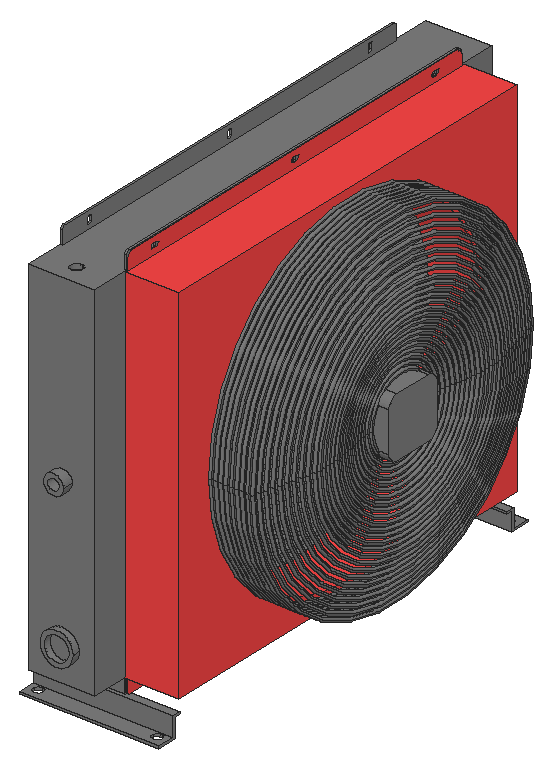
Revit family "MIT-A20Y-0102", category Specialty Equipment, Revit 2022
Family settings
  Round Connector Dimension = Use Radius
  Part Type = Normal
  Work Plane-Based = No
  Always vertical = Yes
  Cut with Voids When Loaded = No
  Maintain Annotation Orientation = No
  Shared = No
  Room Calculation Point = No
Parameters
  URL = "https://en.ekinendustriyel.com/fan-driven-oil-coolers"
  Model = "MIT-A20Y-0102"
  Manufacturer = "Ekin Endüstriyel"
  Keynote = "Fan Driven Oil Coolers"
  Description = "MIT- Fan Driven Oil Coolers"
  Default Elevation = 0 mm
Reference planes
  plane 1 "Center (Front/Back)": y = 0
  plane 2: z = 0
  plane 3 "Center (Left/Right)": x = 0
Forms (mm)
  Extrusion 1, solid, material "Ekin Endustriyel-S235JR", detail levels medium+fine
    sketch origin (-495, -0.99, 0) x (0, 1, 0) y (0, 0, 1)
      loop
        line (-374.011, 606.733) -> (-374.011, 56.733) -> (375.992, 56.733) -> (375.992, 606.733) -> (-374.011, 606.733)
      loop
        line (315.99, 600.233) -> (-314.01, 600.233) -> (-314.01, 590.233) -> (315.99, 590.233) -> (315.99, 600.233)
      loop
        line (315.99, 585.233) -> (-314.01, 585.233) -> (-314.01, 575.233) -> (315.99, 575.233) -> (315.99, 585.233)
      loop
        line (315.99, 570.233) -> (-314.01, 570.233) -> (-314.01, 560.233) -> (315.99, 560.233) -> (315.99, 570.233)
      loop
        line (315.99, 555.233) -> (-314.01, 555.233) -> (-314.01, 545.233) -> (315.99, 545.233) -> (315.99, 555.233)
      loop
        line (315.99, 540.233) -> (-314.01, 540.233) -> (-314.01, 530.233) -> (315.99, 530.233) -> (315.99, 540.233)
      loop
        line (315.99, 525.233) -> (-314.01, 525.233) -> (-314.01, 515.233) -> (315.99, 515.233) -> (315.99, 525.233)
      loop
        line (315.99, 510.233) -> (-314.01, 510.233) -> (-314.01, 500.233) -> (315.99, 500.233) -> (315.99, 510.233)
      loop
        line (315.99, 495.233) -> (-314.01, 495.233) -> (-314.01, 485.233) -> (315.99, 485.233) -> (315.99, 495.233)
      loop
        line (315.99, 480.233) -> (-314.01, 480.233) -> (-314.01, 470.233) -> (315.99, 470.233) -> (315.99, 480.233)
      loop
        line (315.99, 465.233) -> (-314.01, 465.233) -> (-314.01, 455.233) -> (315.99, 455.233) -> (315.99, 465.233)
      loop
        line (315.99, 450.233) -> (-314.01, 450.233) -> (-314.01, 440.233) -> (315.99, 440.233) -> (315.99, 450.233)
      loop
        line (315.99, 435.233) -> (-314.01, 435.233) -> (-314.01, 425.233) -> (315.99, 425.233) -> (315.99, 435.233)
      loop
        line (315.99, 420.233) -> (-314.01, 420.233) -> (-314.01, 410.233) -> (315.99, 410.233) -> (315.99, 420.233)
      loop
        line (315.99, 405.233) -> (-314.01, 405.233) -> (-314.01, 395.233) -> (315.99, 395.233) -> (315.99, 405.233)
      loop
        line (315.99, 390.233) -> (-314.01, 390.233) -> (-314.01, 380.233) -> (315.99, 380.233) -> (315.99, 390.233)
      loop
        line (315.99, 375.233) -> (-314.01, 375.233) -> (-314.01, 365.233) -> (315.99, 365.233) -> (315.99, 375.233)
      loop
        line (315.99, 360.233) -> (-314.01, 360.233) -> (-314.01, 350.233) -> (315.99, 350.233) -> (315.99, 360.233)
      loop
        line (315.99, 345.233) -> (-314.01, 345.233) -> (-314.01, 335.233) -> (315.99, 335.233) -> (315.99, 345.233)
      loop
        line (315.99, 330.233) -> (-314.01, 330.233) -> (-314.01, 320.233) -> (315.99, 320.233) -> (315.99, 330.233)
      loop
        line (315.99, 315.233) -> (-314.01, 315.233) -> (-314.01, 305.233) -> (315.99, 305.233) -> (315.99, 315.233)
      loop
        line (315.99, 300.233) -> (-314.01, 300.233) -> (-314.01, 290.233) -> (315.99, 290.233) -> (315.99, 300.233)
      loop
        line (315.99, 284.233) -> (-314.01, 284.233) -> (-314.01, 274.233) -> (315.99, 274.233) -> (315.99, 284.233)
      loop
        line (315.99, 269.233) -> (-314.01, 269.233) -> (-314.01, 259.233) -> (315.99, 259.233) -> (315.99, 269.233)
      loop
        line (315.99, 254.233) -> (-314.01, 254.233) -> (-314.01, 244.233) -> (315.99, 244.233) -> (315.99, 254.233)
      loop
        line (315.99, 239.233) -> (-314.01, 239.233) -> (-314.01, 229.233) -> (315.99, 229.233) -> (315.99, 239.233)
      loop
        line (315.99, 224.233) -> (-314.01, 224.233) -> (-314.01, 214.233) -> (315.99, 214.233) -> (315.99, 224.233)
      loop
        line (315.99, 209.233) -> (-314.01, 209.233) -> (-314.01, 199.233) -> (315.99, 199.233) -> (315.99, 209.233)
      loop
        line (315.99, 194.233) -> (-314.01, 194.233) -> (-314.01, 184.233) -> (315.99, 184.233) -> (315.99, 194.233)
      loop
        line (315.99, 179.233) -> (-314.01, 179.233) -> (-314.01, 169.233) -> (315.99, 169.233) -> (315.99, 179.233)
      loop
        line (315.99, 164.233) -> (-314.01, 164.233) -> (-314.01, 154.233) -> (315.99, 154.233) -> (315.99, 164.233)
      loop
        line (315.99, 149.233) -> (-314.01, 149.233) -> (-314.01, 139.233) -> (315.99, 139.233) -> (315.99, 149.233)
      loop
        line (315.99, 134.233) -> (-314.01, 134.233) -> (-314.01, 124.233) -> (315.99, 124.233) -> (315.99, 134.233)
      loop
        line (315.99, 119.233) -> (-314.01, 119.233) -> (-314.01, 109.233) -> (315.99, 109.233) -> (315.99, 119.233)
      loop
        line (315.99, 104.233) -> (-314.01, 104.233) -> (-314.01, 94.233) -> (315.99, 94.233) -> (315.99, 104.233)
      loop
        line (315.99, 89.233) -> (-314.01, 89.233) -> (-314.01, 79.233) -> (315.99, 79.233) -> (315.99, 89.233)
      loop
        line (315.99, 74.233) -> (-314.01, 74.233) -> (-314.01, 64.233) -> (315.99, 64.233) -> (315.99, 74.233)
    from 495 to 595
  Extrusion 2, solid, material "Ekin Endustriyel-S235JR", detail levels medium+fine
    sketch origin (-985, 150.016, 230.626) x (1, 0, 0) y (0, 0, 1)
      loop
        circle (1035, 326.608) r 18.847
      loop
        arc (1011.735, 335.76) -> (1024.875, 303.75) -> (1057.41, 315.527) r 25
        arc (1057.41, 315.527) -> (1045.125, 349.466) -> (1011.735, 335.76) r 25
    from -224.984 to -234.984
  Extrusion 3, solid, material "Ekin Endustriyel-S235JR", detail levels medium+fine
    sketch origin (-985, -79.551, 1.514) x (1, 0, 0) y (0, 0, 1)
      loop
        circle (1035, 105.219) r 18.847
      loop
        circle (1035, 105.219) r 25
    from 295.449 to 305.449
  Extrusion 4, solid, material "Ekin Endustriyel_S235JR", detail levels medium+fine
    sketch origin (595, 0, 0) x (0, 1, 0) y (0, 0, 1)
      loop
        line (-320, 56.733) -> (320, 56.733) -> (320, 606.733) -> (-320, 606.733) -> (-320, 56.733)
      loop
        circle (0, 331.733) r 255
    from -495 to -413.5
  Extrusion 5, solid, material "Ekin Endustriyel_S235JR", detail levels medium+fine
    sketch origin (-33.296, 0, 61.923) x (0, 1, 0) y (0, 0, 1)
      loop
        line (-315.002, 544.811) -> (314.998, 544.811) -> (314.998, 559.811)
        arc (314.998, 559.811) -> (312.069, 566.882) -> (304.998, 569.811) r 10
        line (304.998, 569.811) -> (-305.002, 569.811)
        arc (-305.002, 569.811) -> (-312.073, 566.882) -> (-315.002, 559.811) r 10
        line (-315.002, 559.811) -> (-315.002, 544.811)
      loop
        line (-262, 561.811) -> (-268, 561.811)
        arc (-268, 561.811) -> (-272.5, 557.311) -> (-268, 552.811) r 4.5
        line (-268, 552.811) -> (-262, 552.811)
        arc (-262, 552.811) -> (-257.5, 557.311) -> (-262, 561.811) r 4.5
      loop
        line (-3, 552.811) -> (3, 552.811)
        arc (3, 552.811) -> (7.5, 557.311) -> (3, 561.811) r 4.5
        line (3, 561.811) -> (-3, 561.811)
        arc (-3, 561.811) -> (-7.5, 557.311) -> (-3, 552.811) r 4.5
      loop
        line (262, 552.811) -> (268, 552.811)
        arc (268, 552.811) -> (272.5, 557.311) -> (268, 561.811) r 4.5
        line (268, 561.811) -> (262, 561.811)
        arc (262, 561.811) -> (257.5, 557.311) -> (262, 552.811) r 4.5
    from 133.296 to 134.796
  Sweep 6, solid, material "Ekin Endustriyel-S235JR", detail levels fine
    path origin (20, 260, 0) x (0, -1, 0) y (0, 0, -1)
      loop
        line (-48.506, -28.736) -> (-58.741, -28.736) -> (-58.741, 0) -> (-88.753, 0)
    profile origin (20, 313.623, 28.736) x (0, 0, 1) y (1, 0, 0)
      loop
        line (0, -54.938) -> (2.995, -54.938) -> (2.995, 154.821) -> (0, 154.821) -> (0, -54.938)
  Extrusion 7, void
    sketch origin (20, 259.955, 0) x (1, 0, 0) y (0, 1, 0)
      loop
        circle (139.986, 72.768) r 7.5
      loop
        circle (-40.003, 72.771) r 7.5
      loop
        circle (50.007, 42.545) r 4.2
      loop
        circle (10.007, 42.545) r 4.2
    from -5.013 to 37.897
  Extrusion 8, solid, material "Ekin Endustriyel-S235JR", detail levels fine
    sketch origin (-1045, 139.233, 0) x (1, 0, 0) y (0, 0, 1)
      loop
        line (1142, 29.185) -> (1142, 56.733) -> (1048, 56.733) -> (1048, 29.185) -> (1142, 29.185)
    from -175.767 to -150.767
  Extrusion 9, solid, material "Ekin Endustriyel-S235JR", detail levels coarse
    sketch origin (0, 0, 0) x (0, 1, 0) y (0, 0, 1)
      loop
        line (375, 606.733) -> (-375, 606.733) -> (-375, 56.736) -> (-315, 56.736) -> (-315, 0) -> (315, 0) -> (315, 56.736) -> (375, 56.736) -> (375, 606.733)
    from 100 to 0
  Extrusion 10, solid, material "Ekin Endustriyel_S235JR", detail levels coarse
    sketch origin (595, 0, 0) x (0, 1, 0) y (0, 0, 1)
      loop
        line (-320, 606.733) -> (-320, 56.733) -> (320, 56.733) -> (320, 606.733) -> (-320, 606.733)
    from -495 to -413.5
  Extrusion 11, void
    sketch origin (18.58, -486.859, 397.506) x (1, 0, 0) y (0, 1, 0)
      loop
        circle (31.42, 139.359) r 8.928
    from 202.727 to 214.227
  Extrusion 12, solid, material "Ekin Endustriyel-S235JR"
    sketch origin (310.965, 0, -5.026) x (0, 1, 0) y (0, 0, 1)
      loop
        arc (-29.983, 381.706) -> (-40.589, 377.313) -> (-44.983, 366.706) r 15
        line (-44.983, 366.706) -> (-44.983, 306.707)
        arc (-44.983, 306.707) -> (-40.589, 296.101) -> (-29.983, 291.707) r 15
        line (-29.983, 291.707) -> (29.959, 291.707)
        arc (29.959, 291.707) -> (40.565, 296.101) -> (44.959, 306.707) r 15
        line (44.959, 306.707) -> (44.959, 366.706)
        arc (44.959, 366.706) -> (40.565, 377.313) -> (29.959, 381.706) r 15
        line (29.959, 381.706) -> (-29.983, 381.706)
    from -30.965 to -200.965
  Extrusion 13, solid, material "Ekin Endustriyel-S235JR", detail levels fine
    sketch origin (-815, 0, 59.372) x (0, 1, 0) y (0, 0, 1)
      loop
        line (-315, 567.361) -> (-315, 547.361) -> (315, 547.361) -> (315, 567.361)
        arc (315, 567.361) -> (313.536, 570.897) -> (310, 572.361) r 5
        line (310, 572.361) -> (-310, 572.361)
        arc (-310, 572.361) -> (-313.536, 570.897) -> (-315, 567.361) r 5
      loop
        line (260.5, 562.861) -> (260.5, 556.861)
        arc (260.5, 556.861) -> (265, 552.361) -> (269.5, 556.861) r 4.5
        line (269.5, 556.861) -> (269.5, 562.861)
        arc (269.5, 562.861) -> (265, 567.361) -> (260.5, 562.861) r 4.5
      loop
        line (-4.5, 562.861) -> (-4.5, 556.861)
        arc (-4.5, 556.861) -> (0, 552.361) -> (4.5, 556.861) r 4.5
        line (4.5, 556.861) -> (4.5, 562.861)
        arc (4.5, 562.861) -> (0, 567.361) -> (-4.5, 562.861) r 4.5
      loop
        line (-269.5, 562.861) -> (-269.5, 556.861)
        arc (-269.5, 556.861) -> (-265, 552.361) -> (-260.5, 556.861) r 4.5
        line (-260.5, 556.861) -> (-260.5, 562.861)
        arc (-260.5, 562.861) -> (-265, 567.361) -> (-269.5, 562.861) r 4.5
    from 815 to 818
  Extrusion 14, solid, material "Ekin Endustriyel-S235JR", detail levels fine
    sketch origin (-1045, 0, 333.802) x (0, 1, 0) y (0, 0, 1)
      loop
        arc (-315, -297.069) -> (-313.536, -300.604) -> (-310, -302.069) r 5
        line (-310, -302.069) -> (310, -302.069)
        arc (310, -302.069) -> (313.536, -300.604) -> (315, -297.069) r 5
        line (315, -297.069) -> (315, -277.069) -> (-315, -277.069) -> (-315, -297.069)
      loop
        arc (260.5, -292.569) -> (265, -297.069) -> (269.5, -292.569) r 4.5
        line (269.5, -292.569) -> (269.5, -286.569)
        arc (269.5, -286.569) -> (265, -282.069) -> (260.5, -286.569) r 4.5
        line (260.5, -286.569) -> (260.5, -292.569)
      loop
        arc (-4.5, -292.569) -> (0, -297.069) -> (4.5, -292.569) r 4.5
        line (4.5, -292.569) -> (4.5, -286.569)
        arc (4.5, -286.569) -> (0, -282.069) -> (-4.5, -286.569) r 4.5
        line (-4.5, -286.569) -> (-4.5, -292.569)
      loop
        arc (-269.5, -292.569) -> (-265, -297.069) -> (-260.5, -292.569) r 4.5
        line (-260.5, -292.569) -> (-260.5, -286.569)
        arc (-260.5, -286.569) -> (-265, -282.069) -> (-269.5, -286.569) r 4.5
        line (-269.5, -286.569) -> (-269.5, -292.569)
    from 1048 to 1045
  Extrusion 15, solid, material "Ekin Endustriyel-S235JR", detail levels coarse
    sketch origin (880, 0, 0) x (0, 1, 0) y (0, 0, 1)
      loop
        circle (0, 331.733) r 265
    from -698.5 to -600
  Extrusion 16, solid, material "Ekin Endustriyel-S235JR", detail levels fine
    sketch origin (-35, 0, 59.372) x (0, 1, 0) y (0, 0, 1)
      loop
        line (-315, 567.361) -> (-315, 547.361) -> (315, 547.361) -> (315, 567.361)
        arc (315, 567.361) -> (313.536, 570.897) -> (310, 572.361) r 5
        line (310, 572.361) -> (-310, 572.361)
        arc (-310, 572.361) -> (-313.536, 570.897) -> (-315, 567.361) r 5
      loop
        line (260.5, 562.861) -> (260.5, 556.861)
        arc (260.5, 556.861) -> (265, 552.361) -> (269.5, 556.861) r 4.5
        line (269.5, 556.861) -> (269.5, 562.861)
        arc (269.5, 562.861) -> (265, 567.361) -> (260.5, 562.861) r 4.5
      loop
        line (-4.5, 562.861) -> (-4.5, 556.861)
        arc (-4.5, 556.861) -> (0, 552.361) -> (4.5, 556.861) r 4.5
        line (4.5, 556.861) -> (4.5, 562.861)
        arc (4.5, 562.861) -> (0, 567.361) -> (-4.5, 562.861) r 4.5
      loop
        line (-269.5, 562.861) -> (-269.5, 556.861)
        arc (-269.5, 556.861) -> (-265, 552.361) -> (-260.5, 556.861) r 4.5
        line (-260.5, 556.861) -> (-260.5, 562.861)
        arc (-260.5, 562.861) -> (-265, 567.361) -> (-269.5, 562.861) r 4.5
    from 135 to 132
  Extrusion 17, solid, material "Ekin Endustriyel-S235JR", detail levels fine
    sketch origin (-35, 0, 333.802) x (0, 1, 0) y (0, 0, 1)
      loop
        arc (-315, -297.069) -> (-313.536, -300.604) -> (-310, -302.069) r 5
        line (-310, -302.069) -> (310, -302.069)
        arc (310, -302.069) -> (313.536, -300.604) -> (315, -297.069) r 5
        line (315, -297.069) -> (315, -277.069) -> (-315, -277.069) -> (-315, -297.069)
      loop
        arc (260.5, -292.569) -> (265, -297.069) -> (269.5, -292.569) r 4.5
        line (269.5, -292.569) -> (269.5, -286.569)
        arc (269.5, -286.569) -> (265, -282.069) -> (260.5, -286.569) r 4.5
        line (260.5, -286.569) -> (260.5, -292.569)
      loop
        arc (-4.5, -292.569) -> (0, -297.069) -> (4.5, -292.569) r 4.5
        line (4.5, -292.569) -> (4.5, -286.569)
        arc (4.5, -286.569) -> (0, -282.069) -> (-4.5, -286.569) r 4.5
        line (-4.5, -286.569) -> (-4.5, -292.569)
      loop
        arc (-269.5, -292.569) -> (-265, -297.069) -> (-260.5, -292.569) r 4.5
        line (-260.5, -292.569) -> (-260.5, -286.569)
        arc (-260.5, -286.569) -> (-265, -282.069) -> (-269.5, -286.569) r 4.5
        line (-269.5, -286.569) -> (-269.5, -292.569)
    from 135 to 132
  Extrusion 18, solid, material "Ekin Endustriyel-S235JR", detail levels fine
    sketch origin (-1045, -133.751, 0) x (1, 0, 0) y (0, 0, 1)
      loop
        line (1048, 29.185) -> (1142, 29.185) -> (1142, 56.733) -> (1048, 56.733) -> (1048, 29.185)
    from 156.249 to 181.249
  Extrusion 19, solid, material "Ekin Endustriyel_S235JR", detail levels medium+fine
    sketch origin (-33.296, 0, 334.165) x (0, 1, 0) y (0, 0, 1)
      loop
        arc (-315.002, -297.432) -> (-313.538, -300.967) -> (-310.002, -302.432) r 5
        line (-310.002, -302.432) -> (309.998, -302.432)
        arc (309.998, -302.432) -> (313.533, -300.967) -> (314.998, -297.432) r 5
        line (314.998, -297.432) -> (314.998, -279.932) -> (-315.002, -279.932) -> (-315.002, -297.432)
      loop
        arc (-262, -294.432) -> (-257.5, -289.932) -> (-262, -285.432) r 4.5
        line (-262, -285.432) -> (-268, -285.432)
        arc (-268, -285.432) -> (-272.5, -289.932) -> (-268, -294.432) r 4.5
        line (-268, -294.432) -> (-262, -294.432)
      loop
        line (3, -285.432) -> (-3, -285.432)
        arc (-3, -285.432) -> (-7.5, -289.932) -> (-3, -294.432) r 4.5
        line (-3, -294.432) -> (3, -294.432)
        arc (3, -294.432) -> (7.5, -289.932) -> (3, -285.432) r 4.5
      loop
        line (262, -294.432) -> (268, -294.432)
        arc (268, -294.432) -> (272.5, -289.932) -> (268, -285.432) r 4.5
        line (268, -285.432) -> (262, -285.432)
        arc (262, -285.432) -> (257.5, -289.932) -> (262, -294.432) r 4.5
    from 133.296 to 134.796
  Extrusion 20, solid, material "Ekin Endustriyel-S235JR", detail levels medium+fine
    sketch origin (-985, -79.551, 191.398) x (1, 0, 0) y (0, 0, 1)
      loop
        circle (1035, 140.335) r 8.928
      loop
        circle (1035, 140.335) r 15
    from 295.449 to 311.449
  Sweep 21, solid, material "Ekin Endustriyel-S235JR", detail levels fine
    path origin (20, -260, 0) x (0, 1, 0) y (0, 0, 1)
      loop
        line (-48.506, 28.736) -> (-58.741, 28.736) -> (-58.741, 0) -> (-88.753, 0)
    profile origin (20, -313.623, 28.736) x (0, 0, -1) y (1, 0, 0)
      loop
        line (0, -54.938) -> (0, 154.821) -> (-2.995, 154.821) -> (-2.995, -54.938) -> (0, -54.938)
  Extrusion 22, void
    sketch origin (20, -259.955, 0) x (1, 0, 0) y (0, 1, 0)
      loop
        circle (139.986, -72.768) r 7.5
      loop
        circle (-40.003, -72.771) r 7.5
      loop
        circle (50.007, -42.545) r 4.2
      loop
        circle (10.007, -42.545) r 4.2
    from -5.013 to 37.897
  Revolve 23, solid, material "Ekin Endustriyel-S235JR", detail levels medium+fine
    sketch origin (0, 0, 331.719) x (1, 0, 0) y (0, 1, 0)
      loop
        circle (199.995, 262.499) r 2.5
      loop
        circle (207.99, 262.499) r 2.5
      loop
        circle (215.99, 262.499) r 2.5
      loop
        circle (223.99, 262.499) r 2.5
      loop
        circle (231.99, 262.499) r 2.5
      loop
        circle (239.99, 262.499) r 2.5
      loop
        circle (247.99, 262.499) r 2.5
      loop
        circle (250.37, 253.619) r 2.5
      loop
        circle (253.096, 243.737) r 2.5
      loop
        circle (255.832, 233.819) r 2.5
      loop
        circle (258.479, 223.94) r 2.5
      loop
        circle (261.213, 214.055) r 2.5
      loop
        circle (263.878, 204.184) r 2.5
      loop
        circle (266.64, 194.279) r 2.5
      loop
        circle (269.308, 184.403) r 2.5
      loop
        circle (271.967, 174.531) r 2.5
      loop
        circle (271.953, 166.459) r 2.5
      loop
        circle (271.953, 158.433) r 2.5
      loop
        circle (271.953, 150.425) r 2.5
      loop
        circle (272.031, 142.499) r 2.5
      loop
        circle (271.953, 134.517) r 2.5
      loop
        circle (270.6, 126.677) r 2.5
      loop
        circle (269.21, 118.717) r 2.5
      loop
        circle (267.806, 110.892) r 2.5
      loop
        circle (266.458, 102.988) r 2.5
      loop
        circle (264.999, 95.079) r 2.5
      loop
        circle (263.648, 87.216) r 2.5
      loop
        circle (262.295, 79.371) r 2.5
      loop
        circle (260.854, 71.48) r 2.5
      loop
        circle (260.888, 63.48) r 2.5
      loop
        circle (260.892, 55.47) r 2.5
      loop
        circle (183.999, 262.499) r 2.5
      loop
        circle (191.995, 262.499) r 2.5
      axis (181.499, 0) -> (274.531, 0)
    angle from 0 to 360
Cuts and joins
  Extrusion 7, Extrusion 22 cuts Sweep 6
  Extrusion 7, Extrusion 11 cuts Extrusion 1
  Extrusion 7 cuts Extrusion 2
  Extrusion 7 cuts Extrusion 3
  Extrusion 22 cuts Extrusion 8
  Extrusion 22 cuts Sweep 21
Dimensions and locks
  aligned and locked: level to plane 2
Connectors
  piping at (50, 385, 557.233), diameter 25.4
    settings: on cut or joined group of Extrusion 2, Extrusion 7, index 5, connector inside diameter 609.6 mm, connector length 0 mm, flow factor 0, pipe flow 0.0 L/s, pressure drop 0.0 Pa, fitting loss kfactor 0, connector angle 0.00°, fixture units 0, engagement length 0 mm, angle of deflection 0.00°, flow configuration 0, flow direction 0, fitting loss method 0, system type 7, joint type 0, gender type 0, connector reference index -1, connector utility 0, adjustable connector no, is connector primary yes, connector description ""
  piping at (50, -385, 106.733), diameter 25.4
    settings: on cut or joined group of Extrusion 3, Extrusion 7, index 6, connector inside diameter 609.6 mm, connector length 0 mm, flow factor 0, pipe flow 0.0 L/s, pressure drop 0.0 Pa, fitting loss kfactor 0, connector angle 0.00°, fixture units 0, engagement length 0 mm, angle of deflection 0.00°, flow configuration 0, flow direction 0, fitting loss method 0, system type 7, joint type 0, gender type 0, connector reference index -1, connector utility 0, adjustable connector no, is connector primary no, connector description ""
  piping at (50, -391, 331.733), diameter 12.8
    settings: on Extrusion 20, index 7, connector inside diameter 609.6 mm, connector length 0 mm, flow factor 0, pipe flow 0.0 L/s, pressure drop 0.0 Pa, fitting loss kfactor 0, connector angle 0.00°, fixture units 0, engagement length 0 mm, angle of deflection 0.00°, flow configuration 0, flow direction 0, fitting loss method 0, system type 7, joint type 0, gender type 0, connector reference index -1, connector utility 0, adjustable connector no, is connector primary no, connector description ""
  piping at (50, -347.5, 606.733), diameter 18
    settings: on cut or joined group of Extrusion 1, Extrusion 7, Extrusion 11, index 8, connector inside diameter 609.6 mm, connector length 0 mm, flow factor 0, pipe flow 0.0 L/s, pressure drop 0.0 Pa, fitting loss kfactor 0, connector angle 0.00°, fixture units 0, engagement length 0 mm, angle of deflection 0.00°, flow configuration 0, flow direction 0, fitting loss method 0, system type 7, joint type 0, gender type 0, connector reference index -1, connector utility 0, adjustable connector no, is connector primary no, connector description ""
